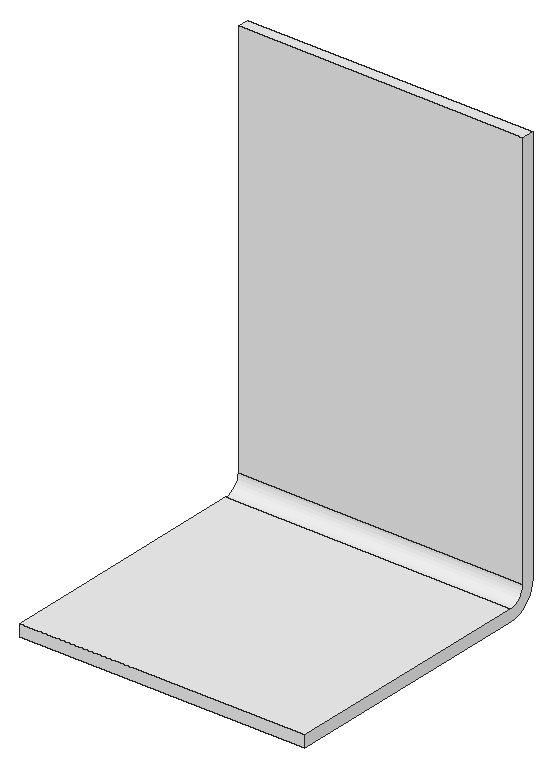
Revit family "JOMA_P1 & P2", category Structural Connections, host Face, Revit 2012
Parameters (values of type "4210010")
  t = 2.500 mm
  l = 60.000 mm
  h = 90.000 mm
  b = 60.000 mm
  Vinkelbeslag P2 = not(Vinkelbeslag P1)  # no
  Vinkelbeslag P1 = yes
  Vikt = "0,158"
  Typ = "VINKEL P1 4210010"
  Spikmönster Bult 0°≤α≤90° [instance] = no
  Spikmönster 0°≤α≤90° [instance] = no
  Spik/skruv [instance] = "ANKARSPIK 4,0x40"
  P2 Spikmönster Bult 0°≤α≤90° [instance] = and(Vinkelbeslag P2, Spikmönster Bult 0°≤α≤90°, not(Spikmönster 0°≤α≤90°))  # no
  P2 Spikmönster 0°≤α≤90° [instance] = and(Vinkelbeslag P2, Spikmönster 0°≤α≤90°, not(Spikmönster Bult 0°≤α≤90°))  # no
  Material = Varmförzinkad stålplåt
  Länk Joma Dimensioneringsverktyg = "http://www.joma.se/dimensioneringsverktyg"
  Dim. för bultinfästning = Dim. för spikhål * 2  # 10.200 mm
  P1 Spikmönster Bult 0°≤α≤90° [instance] = and(Vinkelbeslag P1, Spikmönster Bult 0°≤α≤90°, not(Spikmönster 0°≤α≤90°))  # no
  P1 Spikmönster 0°≤α≤90° [instance] = and(Vinkelbeslag P1, Spikmönster 0°≤α≤90°, not(Spikmönster Bult 0°≤α≤90°))  # no
  Dim. för spikhål = 5.100 mm
  Default Elevation = 0.000 mm
  Bult (betong) [instance] = "BULT M10"
  Antal spik/skruv i virkesdel B [instance] = if(Spikmönster 0°≤α≤90°, 4, if(and(Spikmönster Bult 0°≤α≤90°, Vinkelbeslag P1), 1, if(and(Spikmönster Bult 0°≤α≤90°, Vinkelbeslag P2), 1, 0)))  # 0
  Antal spik/skruv i virkesdel A [instance] = if(Spikmönster 0°≤α≤90°, 3, if(and(Spikmönster Bult 0°≤α≤90°, Vinkelbeslag P1), 3, if(and(Spikmönster Bult 0°≤α≤90°, Vinkelbeslag P2), 3, 0)))  # 0
Types (5, lengths in mm): name | Vinkelbeslag P2 | Vinkelbeslag P1 | Vikt | Typ | Dim. för bultinfästning | Dim. för spikhål
  (no name) | no | yes | "0,158" | "VINKEL P1 4210010" | 10.200 | 5.100
  4210012 | no | yes | "0,156" | "VINKEL P1 4210012" | 12.000 | 6.000
  4210010 | no | yes | "0,158" | "VINKEL P1 4210010" | 10.200 | 5.100
  4220010 | yes | no | "0,154" | "VINKEL P2 4220010" | 10.200 | 5.100
  4220012 | yes | no | "0,154" | "VINKEL P2 4220012" | 12.000 | 6.000
Reference planes
  plane 1 "Center (Front/Back)": y = 0
  plane 2: z = 0
  plane 3 "Center (Left/Right)": x = 0
  plane 4: x = -30
  plane 5: x = 30
  plane 6: y = -60
  plane 7: z = 90
Forms (mm)
  Extrusion 1, solid, material "Varmförzinkad stålplåt" <- "Material"
    sketch origin (0, 0, 0) x (0, 1, 0) y (0, 0, 1)
      loop
        line (0, 90) -> (-2.5, 90) -> (-2.5, 5.702)
        arc (-2.5, 5.702) -> (-3.438, 3.438) -> (-5.702, 2.5) r 3.203
        line (-5.702, 2.5) -> (-60, 2.5) -> (-60, 0) -> (-5.702, 0)
        arc (-5.702, 0) -> (-1.67, 1.67) -> (0, 5.702) r 5.703
        line (0, 5.702) -> (0, 90)
    from -30 to 30
Lines and regions (mm)
  symbolic lines
    curve 1: circle (-20, 0, 80) r 2.5 normal (0, -1, 0)
    curve 2: circle (-20, 0, 26) r 2.5 normal (0, -1, 0)
    curve 3: circle (20, 0, 80) r 2.5 normal (0, 1, 0)
    curve 4: circle (20, 0, 26) r 2.5 normal (0, 1, 0)
    curve 5: circle (0, 0, 56) r 2.5 normal (0, 1, 0)
    curve 6: line (-12.5, 0, 44) -> (12.5, 0, 44)
    curve 7: line (-12.5, 0, 39) -> (12.5, 0, 39)
    curve 8: arc (-12.5, 0, 39) -> (-15, 0, 41.5) -> (-12.5, 0, 44) r 2.5
    curve 9: arc (12.5, 0, 44) -> (15, 0, 41.5) -> (12.5, 0, 39) r 2.5
    curve 10: spline (-15, 0, 2.5) -> (-15.17, 0, 5.606) -> (-15.67, 0, 8.5) -> (-16.464, 0, 10.985) -> (-17.5, 0, 12.892) -> (-18.706, 0, 14.091) -> (-20, 0, 14.5) -> (-21.294, 0, 14.091) -> (-22.5, 0, 12.892) -> (-23.536, 0, 10.985) -> (-24.33, 0, 8.5) -> (-24.83, 0, 5.606) -> (-25, 0, 2.5)
    curve 11: spline (25, 0, 2.5) -> (24.83, 0, 5.606) -> (24.33, 0, 8.5) -> (23.536, 0, 10.985) -> (22.5, 0, 12.892) -> (21.294, 0, 14.091) -> (20, 0, 14.5) -> (18.706, 0, 14.091) -> (17.5, 0, 12.892) -> (16.464, 0, 10.985) -> (15.67, 0, 8.5) -> (15.17, 0, 5.606) -> (15, 0, 2.5)
    curve 12: circle (-20, -52, 0) r 2.5 normal (0, 0, 1)
    curve 13: circle (-20, -22, 0) r 2.5 normal (0, 0, 1)
    curve 14: circle (20, -52, 0) r 2.5 normal (0, 0, -1)
    curve 15: circle (20, -22, 0) r 2.5 normal (0, 0, -1)
    curve 21: spline (-15, -2.5, 0) -> (-15.17, -5.606, 0) -> (-15.67, -8.5, 0) -> (-16.464, -10.985, 0) -> (-17.5, -12.892, 0) -> (-18.706, -14.091, 0) -> (-20, -14.5, 0) -> (-21.294, -14.091, 0) -> (-22.5, -12.892, 0) -> (-23.536, -10.985, 0) -> (-24.33, -8.5, 0) -> (-24.83, -5.606, 0) -> (-25, -2.5, 0)
    curve 22: spline (25, -2.5, 0) -> (24.83, -5.606, 0) -> (24.33, -8.5, 0) -> (23.536, -10.985, 0) -> (22.5, -12.892, 0) -> (21.294, -14.091, 0) -> (20, -14.5, 0) -> (18.706, -14.091, 0) -> (17.5, -12.892, 0) -> (16.464, -10.985, 0) -> (15.67, -8.5, 0) -> (15.17, -5.606, 0) -> (15, -2.5, 0)
    curve 23: arc (0, -9.935, 2.793) -> (0, -10.259, 2.576) -> (0, -10.642, 2.5) r 1
    curve 24: line (0, -9.935, 2.793) -> (0, -2.793, 9.935)
    curve 25: arc (0, -2.5, 10.642) -> (0, -2.576, 10.259) -> (0, -2.793, 9.935) r 1
  symbolic lines, visible <- "Vinkelbeslag P1"
    curve 16: circle (0, -23, 0) r 5.1 normal (0, 0, -1)
  symbolic lines, visible <- "Vinkelbeslag P2"
    curve 17: line (-5.1, -23, 0) -> (-5.1, -42.8, 0)
    curve 18: line (5.1, -23, 0) -> (5.1, -42.8, 0)
    curve 19: arc (-5.1, -23, 0) -> (0, -17.9, 0) -> (5.1, -23, 0) r 5.1
    curve 20: arc (-5.1, -42.8, 0) -> (0, -47.9, 0) -> (5.1, -42.8, 0) r 5.1
Text (mm)
  text "Virkesdel B/Betong" at (217.877, -2.924, 0), in view "Ref. Level"
  text "Virkesdel A" at (265.079, 0, 106.942), in view "Front"
Dimensions and locks
  "b": plane 5 to plane 4
  "l": plane 1 "Center (Front/Back)" to plane 6
  "h": plane 7 to host face
  equal spacing: plane 5, plane 3 "Center (Left/Right)", plane 4
  "t": plane 1 "Center (Front/Back)" to Extrusion 1
  "t": Extrusion 1 to host face
  "Dim. för bultinfästning": curve 17 to curve 18
  "Dim. för spikhål": radius of curve 16
  aligned and locked: plane 2 to host face
  aligned and locked: level to host face
  aligned and locked: plane 5 to Extrusion 1
  aligned and locked: Extrusion 1 to plane 4
  aligned and locked: Extrusion 1 to plane 6
  aligned and locked: plane 7 to Extrusion 1
Automatic sketch dimensions
  host sketch curve to host sketch curve = 2438.400 mm  (x2)
  plane 1 "Center (Front/Back)" to curve 21 = 2.500 mm
  curve 21 to plane 3 "Center (Left/Right)" = 15.000 mm
  plane 4 to curve 12 = 10.000 mm
  curve 21 to curve 21 = 5.000 mm
  curve 13 to curve 21 = 0.000 mm
  plane 1 "Center (Front/Back)" to curve 22 = 2.500 mm
  plane 3 "Center (Left/Right)" to curve 22 = 15.000 mm
  curve 15 to plane 5 = 10.000 mm
  curve 14 to plane 5 = 10.000 mm
  curve 22 to curve 22 = 5.000 mm
  plane 6 to curve 14 = 8.000 mm
  plane 6 to curve 12 = 8.000 mm
  plane 6 to curve 20 = 17.200 mm
  plane 1 "Center (Front/Back)" to curve 16 = 23.000 mm
  curve 13 to curve 21 = 19.500 mm
  curve 15 to curve 22 = 19.500 mm
  curve 15 to curve 22 = 7.500 mm
  curve 13 to curve 21 = 7.500 mm
  Extrusion 1 sketch curve to plane 6 = 0.000 mm
  Extrusion 1 sketch curve to level = 0.000 mm
  Extrusion 1 sketch curve to plane 7 = 0.000 mm
  Extrusion 1 sketch curve to plane 1 "Center (Front/Back)" = 0.000 mm
  plane 1 "Center (Front/Back)" to Extrusion 1 sketch curve = 5.702 mm
  Extrusion 1 sketch curve to Extrusion 1 sketch curve = 0.000 mm  (x3)
  plane 1 "Center (Front/Back)" to Extrusion 1 sketch curve = 2.500 mm
  level to Extrusion 1 sketch curve = 2.500 mm
  curve 16 to curve 19 = 0.000 mm  (x2)
  curve 5 to plane 3 "Center (Left/Right)" = 0.000 mm
  curve 8 to plane 3 "Center (Left/Right)" = 12.500 mm
  level to curve 10 = 2.500 mm
  curve 10 to plane 3 "Center (Left/Right)" = 15.000 mm
  plane 4 to curve 1 = 10.000 mm
  plane 4 to curve 10 = 10.000 mm
  plane 4 to curve 2 = 10.000 mm
  plane 3 "Center (Left/Right)" to curve 9 = 12.500 mm
  level to curve 11 = 2.500 mm
  plane 3 "Center (Left/Right)" to curve 11 = 15.000 mm
  curve 11 to curve 11 = 5.000 mm
  curve 4 to plane 5 = 10.000 mm
  curve 3 to plane 5 = 10.000 mm
  curve 11 to curve 11 = 12.000 mm
  curve 10 to curve 10 = 12.000 mm
  curve 11 to curve 4 = 11.500 mm
  curve 10 to curve 2 = 11.500 mm
  curve 4 to curve 7 = 13.000 mm
  curve 7 to curve 8 = 2.500 mm
  curve 6 to curve 5 = 12.000 mm
  curve 1 to plane 7 = 10.000 mm
  curve 3 to plane 7 = 10.000 mm
  curve 16 to plane 3 "Center (Left/Right)" = 0.000 mm
  level to curve 23 = 2.500 mm
  plane 1 "Center (Front/Back)" to curve 23 = 10.642 mm
  level to curve 24 = 2.793 mm
  curve 23 to curve 24 = 0.707 mm
  plane 1 "Center (Front/Back)" to curve 24 = 2.793 mm
  level to curve 24 = 9.935 mm
  curve 25 to curve 25 = 0.707 mm
  curve 25 to curve 25 = 0.293 mm
  radius of curve 12 = 2.500 mm
  radius of curve 13 = 2.500 mm
  radius of curve 14 = 2.500 mm
  radius of curve 15 = 2.500 mm
  radius of curve 1 = 2.500 mm
  radius of curve 2 = 2.500 mm
  radius of curve 3 = 2.500 mm
  radius of curve 4 = 2.500 mm
  radius of curve 5 = 2.500 mm
Nested families
  nested 1: "Spikmönster" at (-20, 0, 80) x (1, 0, 0) z (0, -1, 0), visible <- "P1 Spikmönster 0°≤α≤90°", type "Ø5"
  nested 2: "Spikmönster" at (20, 0, 80) x (1, 0, 0) z (0, -1, 0), visible <- "P1 Spikmönster 0°≤α≤90°", type "Ø5"
  nested 3: "Spikmönster" at (0, 0, 56) x (1, 0, 0) z (0, -1, 0), visible <- "P1 Spikmönster 0°≤α≤90°", type "Ø5"
  nested 4: "Spikmönster" at (-20, 0, 80) x (1, 0, 0) z (0, -1, 0), visible <- "P1 Spikmönster Bult 0°≤α≤90°", type "Ø5"
  nested 5: "Spikmönster" at (20, 0, 80) x (1, 0, 0) z (0, -1, 0), visible <- "P1 Spikmönster Bult 0°≤α≤90°", type "Ø5"
  nested 6: "Spikmönster" at (0, 0, 56) x (1, 0, 0) z (0, -1, 0), visible <- "P1 Spikmönster Bult 0°≤α≤90°", type "Ø5"
  nested 7: "Spikmönster" at (-20, 0, 80) x (1, 0, 0) z (0, -1, 0), visible <- "P2 Spikmönster 0°≤α≤90°", type "Ø5"
  nested 8: "Spikmönster" at (20, 0, 80) x (1, 0, 0) z (0, -1, 0), visible <- "P2 Spikmönster 0°≤α≤90°", type "Ø5"
  nested 9: "Spikmönster" at (0, 0, 56) x (1, 0, 0) z (0, -1, 0), visible <- "P2 Spikmönster 0°≤α≤90°", type "Ø5"
  nested 10: "Spikmönster" at (-20, 0, 80) x (1, 0, 0) z (0, -1, 0), visible <- "P2 Spikmönster Bult 0°≤α≤90°", type "Ø5"
  nested 11: "Spikmönster" at (20, 0, 80) x (1, 0, 0) z (0, -1, 0), visible <- "P2 Spikmönster Bult 0°≤α≤90°", type "Ø5"
  nested 12: "Spikmönster" at (0, 0, 56) x (1, 0, 0) z (0, -1, 0), visible <- "P2 Spikmönster Bult 0°≤α≤90°", type "Ø5"
  nested 13: "Spikmönster" at (0, -23, 0), visible <- "P1 Spikmönster Bult 0°≤α≤90°", type "Ø10.2-12"
  nested 14: "Spikmönster" at (0, -30, 0), visible <- "P2 Spikmönster Bult 0°≤α≤90°", type "Ø10.2-12"
  nested 15: "Spikmönster" at (-20, -22, 0), visible <- "P1 Spikmönster 0°≤α≤90°", type "Ø5"
  nested 16: "Spikmönster" at (20, -22, 0), visible <- "P1 Spikmönster 0°≤α≤90°", type "Ø5"
  nested 17: "Spikmönster" at (20, -52, 0), visible <- "P1 Spikmönster 0°≤α≤90°", type "Ø5"
  nested 18: "Spikmönster" at (-20, -52, 0), visible <- "P1 Spikmönster 0°≤α≤90°", type "Ø5"
  nested 19: "Spikmönster" at (-20, -22, 0), visible <- "P2 Spikmönster 0°≤α≤90°", type "Ø5"
  nested 20: "Spikmönster" at (20, -22, 0), visible <- "P2 Spikmönster 0°≤α≤90°", type "Ø5"
  nested 21: "Spikmönster" at (20, -52, 0), visible <- "P2 Spikmönster 0°≤α≤90°", type "Ø5"
  nested 22: "Spikmönster" at (-20, -52, 0), visible <- "P2 Spikmönster 0°≤α≤90°", type "Ø5"
Definition of nested family "Spikmönster"
  Parameters (values of type "Ø11")
    Radie = 5.500 mm
  Types (3, lengths in mm): name | Radie
    (no name) | 5.500
    Ø5 | 2.500
    Ø11 | 5.500
  Reference planes
    plane 1 "Center (Front/Back)": y = 0
    plane 2: z = 0
    plane 3 "Center (Left/Right)": x = 0
  Lines and regions (mm)
    Filled region 1, type "Solid Fill - Black", in view "Ref. Level"
      outline origin (0, 0, 0) x (1, 0, 0) y (0, 1, 0)
        loop
          circle (0, 0) r 5.5
  Dimensions and locks
    "Radie": radius of Filled region 1 sketch curve
  Automatic sketch dimensions
    plane 1 "Center (Front/Back)" to Filled region 1 sketch curve = 0.000 mm
    Filled region 1 sketch curve to plane 3 "Center (Left/Right)" = 0.000 mm
